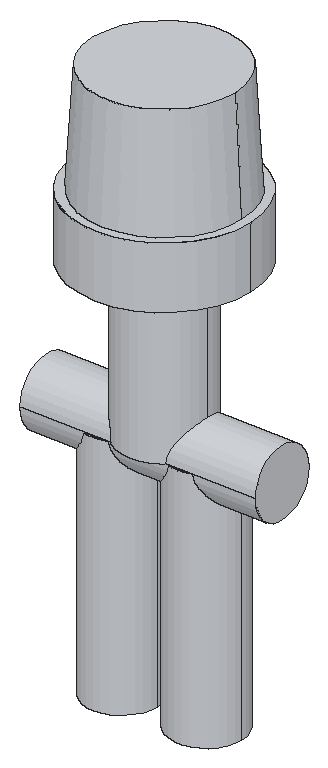
Revit family "304_Cim717HF-_", category Pipe Accessories, Revit 2017
Family settings
  Round Connector Dimension = Use Diameter
  Part Type = Valve - Breaks Into
  Work Plane-Based = No
  Always vertical = Yes
  Cut with Voids When Loaded = No
  Shared = No
Parameters (values of type "Cim717HF-10")
  magi_piping_given_dp [instance] = 0.0 Pa
  magiProductId = "Cim717HF-10"
  magiProductFamilyId = "Cim717HF-*"
  magiProductCode = "Cim717HF-10"
  magiPartTypeId = 304
  ang2D [instance] = 0.00°
  W2D = 15 mm
  VersionID = "2.0/2015.11/CIMBERIO_CIM717_001"
  Use Minimum Symbol Size [instance] = yes
  URL = "www.cimberio.it"
  T = 15 mm
  QmdConnectorList = "301;D;302;D"
  Productdata [instance] = "© Progman Oy, all rights reserved"
  Manufacturer = "Cimberio"
  MC_Default_elevation = 0 mm
  LL = 26.5 mm
  L2D_Min = 3048 mm
  L2D = 53 mm
  L2 = 9.5 mm
  L = 53 mm
  H4__ve = -H4  # -55 mm
  H4 = 55 mm
  H3 = 36 mm
  H2 = 14 mm
  H1 = 25 mm
  Description = "AUTOMATIC BALANCING VALVE P.I.C.V. - PN 25 - \"CR\" BRASS - HIGH FLOW"
  D2 = 16 mm
  D1 = 19.5 mm
  D = 15 mm
  CH = 19.5 mm
  CAT0 = yes
  A1 = 32 mm
  A = 35 mm
Types (4, lengths in mm): name | magiProductId | magiProductCode | W2D | T | LL | L2D | L2 | L | H4__ve | H4 | H3 | D1 | D
  Cim717HF-10 | "Cim717HF-10" | "Cim717HF-10" | 15 | 15 | 26.5 | 53 | 9.5 | 53 | -55 | 55 | 36 | 19.5 | 15
  Cim717HF-25 | "Cim717HF-25" | "Cim717HF-25" | 32 | 32 | 52 | 104 | 15 | 104 | -63 | 63 | 44 | 41.6 | 32
  Cim717HF-20 | "Cim717HF-20" | "Cim717HF-20" | 25 | 25 | 41 | 82 | 15 | 82 | -65 | 65 | 46 | 32.5 | 25
  Cim717HF-15 | "Cim717HF-15" | "Cim717HF-15" | 20 | 20 | 32.5 | 65 | 15 | 65 | -55 | 55 | 36 | 26 | 20
Reference planes
  plane 1 "Center (Front/Back)": y = 0
  plane 2 "XYPLANE": z = 0
  plane 3 "Center (Left/Right)": x = 0
  plane 4 "INIT_TEMP": y = 100
  plane 5 "72": x = 9.5
  plane 6 "71": x = -9.5
  plane 7 "70": z = 75
  plane 8 "69": z = 50
  plane 9 "68": z = 36
  plane 10 "67": x = 26.5
  plane 11 "66": x = -26.5
  plane 12 "65": z = 0
  plane 13 "64": x = 0
  plane 14 "63": y = 0
Forms (mm)
  Extrusion 1, solid, visible <- "CAT0"
    sketch origin (-750, 0, 36) x (1, 0, 0) y (0, 1, 0)
      loop
        circle (750, 0) r 19.5
    from 0 to 14 <- "H2"
  Extrusion 2, solid, visible <- "CAT0"
    sketch origin (-750, 0, 0) x (1, 0, 0) y (0, 1, 0)
      loop
        circle (759.5, 0) r 8
    from 0 to -55 <- "H4__ve"
  Extrusion 3, solid, visible <- "CAT0"
    sketch origin (-750, 0, 0) x (1, 0, 0) y (0, 1, 0)
      loop
        circle (740.5, 0) r 8
    from 0 to -55 <- "H4__ve"
  Blend 4, solid, visible <- "CAT0"
    base sketch origin (-750, 0, 50) x (1, 0, 0) y (0, 1, 0)
      loop
        circle (750, 0) r 17.5
    top sketch origin (-750, 0, 50) x (1, 0, 0) y (0, 1, 0)
      loop
        circle (750, 0) r 16
    from 0 to 25
  Extrusion 5, solid
    sketch origin (-750, 0, 0) x (1, 0, 0) y (0, 1, 0)
      loop
        circle (750, 0) r 9.75
    from 0 to 36 <- "H3"
  Extrusion 6, solid
    sketch origin (-26.5, -750, 0) x (0, 1, 0) y (0, 0, 1)
      loop
        circle (750, 0) r 7.5
    from 0 to 53 <- "L"
  Extrusion 7, solid, not visible
    sketch origin (26.5, -750, 0) x (0, 1, 0) y (0, 0, 1)
      loop
        circle (750, 0) r 10
    from 0 to -10
  Extrusion 8, solid, not visible
    sketch origin (-26.5, -750, 0) x (0, 1, 0) y (0, 0, 1)
      loop
        circle (750, 0) r 10
    from 0 to 10
Text (mm)
  text "© Progman Oy, all rights reserved" at (-472.209, -2482.653, 0), in view "Ref. Level"
Dimensions and locks
  plane 4 "INIT_TEMP" to plane 1 "Center (Front/Back)" = 100 mm
  "L2": plane 3 "Center (Left/Right)" to plane 5 "72"
  "L2": plane 3 "Center (Left/Right)" to plane 6 "71"
  "H1": plane 8 "69" to plane 7 "70"
  "H2": plane 9 "68" to plane 8 "69"
  "H3": plane 2 "XYPLANE" to plane 9 "68"
  "LL": plane 3 "Center (Left/Right)" to plane 10 "67"
  "LL": plane 3 "Center (Left/Right)" to plane 11 "66"
  locked: plane 2 "XYPLANE" to plane 12 "65"
  locked: plane 3 "Center (Left/Right)" to plane 13 "64"
  locked: plane 1 "Center (Front/Back)" to plane 14 "63"
  "CH": radius of Extrusion 1 sketch curve
  "D2": diameter of Extrusion 2 sketch curve
  "D2": diameter of Extrusion 3 sketch curve
  "A1": diameter of Blend 4 sketch curve
  "A": diameter of Blend 4 sketch curve
  "D1": diameter of Extrusion 5 sketch curve
  "T": diameter of Extrusion 6 sketch curve
  aligned and locked: level to plane 2 "XYPLANE"
  aligned and locked: plane 13 "64" to Extrusion 1 sketch curve
  aligned and locked: plane 14 "63" to Extrusion 1 sketch curve
  aligned and locked: plane 5 "72" to Extrusion 2 sketch curve
  aligned and locked: plane 14 "63" to Extrusion 2 sketch curve
  aligned and locked: plane 6 "71" to Extrusion 3 sketch curve
  aligned and locked: plane 14 "63" to Extrusion 3 sketch curve
  aligned and locked: plane 13 "64" to Blend 4 sketch curve  (x2)
  aligned and locked: plane 14 "63" to Blend 4 sketch curve  (x2)
  aligned and locked: plane 7 "70" to Blend 4
  aligned and locked: plane 13 "64" to Extrusion 5 sketch curve
  aligned and locked: plane 14 "63" to Extrusion 5 sketch curve
  aligned and locked: plane 12 "65" to Extrusion 6 sketch curve
  aligned and locked: Extrusion 6 sketch curve to plane 14 "63"
  aligned and locked: plane 12 "65" to Extrusion 7 sketch curve
  aligned and locked: Extrusion 7 sketch curve to plane 14 "63"
  aligned and locked: plane 12 "65" to Extrusion 8 sketch curve
  aligned and locked: Extrusion 8 sketch curve to plane 14 "63"
Automatic sketch dimensions
  plane 1 "Center (Front/Back)" to Extrusion 7 sketch curve = 10 mm
  plane 1 "Center (Front/Back)" to Extrusion 8 sketch curve = 10 mm
Connectors
  piping at (-26.5, 0, 0), diameter 15, driven by "D"
    settings: on Extrusion 8, index 1, connector inside diameter 609.6 mm, connector length 0 mm, flow factor 0, pipe flow 0.0 L/s, pressure drop 0.0 Pa, fitting loss kfactor 0, connector angle 0.00°, fixture units 0, engagement length 0 mm, angle of deflection 0.00°, flow configuration 0, flow direction 0, fitting loss method 0, system type 29, joint type 0, gender type 0, connector reference index 2, connector utility 0, adjustable connector no, is connector primary yes, connector description ""
  piping at (26.5, 0, 0), diameter 15, driven by "D"
    settings: on Extrusion 7, index 2, connector inside diameter 609.6 mm, connector length 0 mm, flow factor 0, pipe flow 0.0 L/s, pressure drop 0.0 Pa, fitting loss kfactor 0, connector angle 0.00°, fixture units 0, engagement length 0 mm, angle of deflection 0.00°, flow configuration 0, flow direction 0, fitting loss method 0, system type 29, joint type 0, gender type 0, connector reference index 1, connector utility 0, adjustable connector no, is connector primary no, connector description ""
